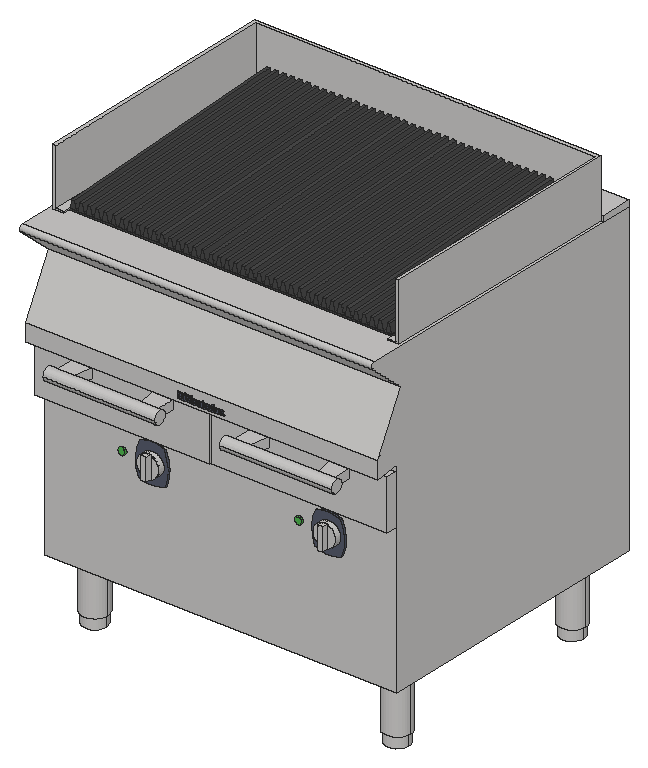
Revit family "QF_ELECTROLUXPROFESSIONAL_371242_E7GREHGCFU", category Specialty Equipment, Revit 2018
Family settings
  Round Connector Dimension = Use Diameter
  Part Type = Normal
  Work Plane-Based = No
  Always vertical = Yes
  Cut with Voids When Loaded = No
  Shared = No
  Room Calculation Point = No
Parameters
  Width = 800.1 mm  # constant formula
  Weight in Pounds = 165  # constant formula
  Watts = 12000 VA  # 12000 W
  Volts = 400 V  # constant formula
  URL Cutsheet = "www.electrolux.com/foodservice"
  URL = "www.electrolux.com/foodservice"
  Type Mark [instance] = ""
  Status [instance] = ""
  Specification by User [instance] = ""
  Specification by Manufacturer = ""
  Show Logo [instance] = yes
  Show Clearance [instance] = yes
  Serial Number = ""
  Seismic Rating = ""
  SMACNA No = ""
  Revision Code [instance] = ""
  Phase = 3  # constant formula
  Omniclass Number and Title = ""
  Number of Poles [instance] = 1
  NAFEM Spec ID Number = ""
  Model = "371065"
  Min Ckt Ampacity = 0 A
  Max Overcurrent Protection = 0 A
  Masterspec = ""
  Manufacturer = "ELECTROLUX"
  Item Number [instance] = ""
  Installed By [instance] = ""
  Identify Quantity as Lot [instance] = yes
  Height = 333.375 mm  # constant formula
  HP = "16.1 HP"
  Furnished By [instance] = ""
  Foodservice Equipment Identifier [instance] = yes
  FL Amps = if(Phase = 3, Watts / (Volts * 1.73), Watts / Volts)  # 17.341 A
  Electrical Remarks [instance] = "400 V/3N ph/50/60 Hz"  # constant formula
  Electric Connection Type [instance] = ""
  Elec Conn RI Height [instance] = 0 mm
  Elec Conn Connection Height [instance] = 0 mm
  Direct Waste Size = 0"
  Description = "700XP Full Module Freestanding Electric Char-Grill"
  Depth = 730.25 mm  # constant formula
  Cycle = if([60 Hertz Option], 60 Hz, 50 Hz)  # 60 Hz
  Conn Plug = ""
  Conn Conduit = yes
  CSI MasterFormat = ""
  CSI Master Format = ""
  Base Height [instance] = 150 mm  # constant formula
  Assembly Code = ""
  Apparent Power = if(Phase = 3, Volts * FL Amps * 1.73, Volts * FL Amps)  # 12000 VA
  60 Hertz Option = not([50 Hertz Option])  # yes
  50 Hertz Option = no
Reference planes
  plane 1 "BACK": y = 0
  plane 2: z = 0
  plane 3 "LEFT": x = 0
  plane 4 "RIGHT": x = 800.1
  plane 5 "FRONT": y = -730.25
  plane 6 "TOP": z = 982
  plane 7 "Center Y": x = 400.05
  plane 8 "Center X": y = -365.125
  plane 9 "BASE": z = 601
  plane 10 "TOP A": z = 851
  plane 11: y = -587.387
  plane 12: y = -90
  plane 13: z = 150
  plane 14: y = -754.062
Forms (mm)
  Extrusion 1, solid, material "QF_Finishes_Stainless Steel"
    sketch origin (0, 0, 0) x (0, 1, 0) y (0, 0, 1)
      loop
        line (0, 851) -> (-722.928, 851)
        arc (-722.928, 851) -> (-729.69, 846.314) -> (-727.679, 838.336) r 7.223
        line (-727.679, 838.336) -> (-646.919, 767.809) -> (-713.772, 646.19) -> (-713.772, 608.09) -> (-660.4, 613.7) -> (-660.4, 150) -> (0, 150) -> (0, 851)
    from 0 to 800.1
  Extrusion 2, solid, material "QF_Finishes_Clearance", visible <- "Show Clearance", detail levels coarse
    sketch origin (0, 0, 0) x (1, 0, 0) y (0, 1, 0)
      loop
        line (0, -730.25) -> (0, 0) -> (800.1, 0) -> (800.1, -730.25) -> (950.119, -730.25) -> (950.119, 150.019) -> (-150.019, 150.019) -> (-150.019, -730.25) -> (0, -730.25)
    from 0 to 982
  Revolve 3, solid, material "QF_Finishes_Stainless Steel"
    sketch origin (0, -587.387, 608.09) x (0, 0, 1) y (-1, 0, 0)
      loop
        line (-608.09, -56) -> (-458.09, -56) -> (-458.09, -26) -> (-583.09, -26) -> (-583.09, -29.75) -> (-608.09, -29.75) -> (-608.09, -56)
      axis (-608.09, -56) -> (-458.09, -56)
    angle from 0 to 360
  Revolve 4, solid, material "QF_Finishes_Stainless Steel"
    sketch origin (400.05, -587.387, 608.09) x (0, 0, 1) y (-1, 0, 0)
      loop
        line (-608.09, -344.05) -> (-608.09, -370.3) -> (-583.09, -370.3) -> (-583.09, -374.05) -> (-458.09, -374.05) -> (-458.09, -344.05) -> (-608.09, -344.05)
      axis (-608.09, -344.05) -> (-458.09, -344.05)
    angle from 0 to 360
  Revolve 5, solid, material "QF_Finishes_Stainless Steel"
    sketch origin (0, -90, 608.09) x (0, 0, 1) y (-1, 0, 0)
      loop
        line (-608.09, -56) -> (-458.09, -56) -> (-458.09, -26) -> (-583.09, -26) -> (-583.09, -29.75) -> (-608.09, -29.75) -> (-608.09, -56)
      axis (-608.09, -56) -> (-458.09, -56)
    angle from 0 to 360
  Revolve 6, solid, material "QF_Finishes_Stainless Steel"
    sketch origin (400.05, -90, 608.09) x (0, 0, 1) y (-1, 0, 0)
      loop
        line (-608.09, -344.05) -> (-608.09, -370.3) -> (-583.09, -370.3) -> (-583.09, -374.05) -> (-458.09, -374.05) -> (-458.09, -344.05) -> (-608.09, -344.05)
      axis (-608.09, -344.05) -> (-458.09, -344.05)
    angle from 0 to 360
  Extrusion 7, solid, material "QF_Finishes_Stainless Steel"
    sketch origin (-77.88, -4572, 150) x (-1, 0, 0) y (0, -1, 0)
      loop
        circle (-835.117, -4105.275) r 12.7
    from 3.2 to 0
  Extrusion 8, solid, material "QF_Finishes_Navy Blue"
    sketch origin (287.375, -660.4, 355.674) x (0, 0, 1) y (-1, 0, 0)
      loop
        arc (105.947, -332.692) -> (68.865, -323.711) -> (31.333, -330.573) r 91.844
        arc (31.333, -330.573) -> (24.206, -361.215) -> (31.333, -391.858) r 69.441
        arc (31.333, -391.858) -> (68.854, -398.569) -> (105.947, -389.79) r 93.759
        arc (105.947, -389.79) -> (112.176, -361.241) -> (105.947, -332.692) r 68.543
    from 0 to 3.175
  Extrusion 9, solid, material "QF_Finishes_Stainless Steel"
    sketch origin (488.625, -663.575, 355.674) x (0, 0, 1) y (-1, 0, 0)
      loop
        circle (68.826, -160.963) r 25.4
    from 0 to 12.7
  Extrusion 10, solid, material "QF_Finishes_Stainless Steel"
    sketch origin (488.625, -676.275, 355.674) x (0, 0, 1) y (-1, 0, 0)
      loop
        arc (93.558, -166.749) -> (94.226, -160.963) -> (93.558, -155.177) r 25.4
        line (93.558, -155.177) -> (44.094, -155.177)
        arc (44.094, -155.177) -> (43.426, -160.963) -> (44.094, -166.749) r 25.4
        line (44.094, -166.749) -> (93.558, -166.749)
    from 0 to 12.7
  Extrusion 11, solid, material "QF_Finishes_Stainless Steel"
    sketch origin (-77.88, -4572, 150) x (-1, 0, 0) y (0, -1, 0)
      loop
        circle (-812.98, -4071) r 6.35
    from 50 to 48.4
  Extrusion 12, solid, material "QF_Finishes_Stainless Steel"
    sketch origin (199.231, 0, -2.5) x (0, 1, 0) y (0, 0, 1)
      loop
        circle (-740.063, 582.209) r 14
    from -127 to 127
  Extrusion 13, solid, material "QF_Finishes_Stainless Steel"
    sketch origin (-23.75, 0, 567.009) x (-1, 0, 0) y (0, -1, 0)
      loop
        line (-109.731, 741.563) -> (-143.724, 741.563) -> (-153.724, 687.387) -> (-109.731, 687.387) -> (-109.731, 741.563)
      loop
        line (-336.231, 741.563) -> (-336.231, 687.387) -> (-292.238, 687.387) -> (-302.238, 741.563) -> (-336.231, 741.563)
      loop
        line (-737.869, 741.563) -> (-737.869, 687.387) -> (-693.876, 687.387) -> (-703.876, 741.563) -> (-737.869, 741.563)
      loop
        line (-511.369, 741.563) -> (-545.362, 741.563) -> (-555.362, 687.387) -> (-511.369, 687.387) -> (-511.369, 741.563)
    from 0 to 21.491
  Extrusion 14, solid, material "QF_Finishes_Green"
    sketch origin (212.375, -660.4, 355.674) x (0, 0, 1) y (-1, 0, 0)
      loop
        circle (69.533, -367.513) r 8
    from 0 to 3.175
  Sweep 15, solid, material "QF_Finishes_Stainless Steel"
    path origin (0, 0, 851) x (0, -1, 0) y (1, 0, 0)
      loop
        line (644.885, 787.4) -> (76.2, 787.4) -> (76.2, 12.7) -> (644.885, 12.7)
    profile origin (12.7, -360.542, 851) x (1, 0, 0) y (0, 0, 1)
      loop
        line (-6.35, 0) -> (19.05, 0) -> (19.05, 3.2) -> (0, 3.2) -> (0, 131) -> (-6.35, 131) -> (-6.35, 0)
  Extrusion 16, solid, material "QF_Finishes_Black"
    sketch origin (400.05, 0, 0) x (0, 1, 0) y (0, 0, 1)
      loop
        line (-629.41, 851) -> (-76.2, 851) -> (-76.2, 883.24) -> (-629.41, 854.99) -> (-629.41, 851)
    from -368.3 to 368.3
  Extrusion 17, solid, material "QF_Finishes_Stainless Steel"
    sketch origin (0, 0, 851) x (0, -1, 0) y (1, 0, 0)
      loop
        line (69.85, 0) -> (69.85, 800.1) -> (0, 800.1) -> (0, 0) -> (69.85, 0)
    from 0 to 12.5
  Extrusion 18, solid, material "QF_Finishes_Drawer Clearance", visible <- "Show Clearance", detail levels coarse
    sketch origin (0, -687.387, 601) x (0, 0, 1) y (-1, 0, 0)
      loop
        line (-113.268, -800.1) -> (0, -800.1) -> (0, 0) -> (-113.268, 0) -> (-113.268, -800.1)
    from 0 to 676.275
  Extrusion 19, solid, material "QF_Finishes_Navy Blue", visible <- "Show Logo"
    sketch origin (59.194, -713.772, 608.09) x (0, 0, 1) y (-1, 0, 0)
      loop
        line (20.674, -296.698) -> (8.307, -296.698)
        arc (8.307, -296.698) -> (14.491, -301.27) -> (20.674, -296.698) r 6.467
      loop
        arc (20.674, -296.069) -> (19.505, -290.926) -> (14.849, -288.448) r 6.338
        line (14.849, -288.448) -> (14.849, -290.494)
        arc (14.849, -290.494) -> (16.333, -294.149) -> (19.778, -296.069) r 5.941
        line (19.778, -296.069) -> (20.674, -296.069)
      loop
        arc (9.203, -296.069) -> (12.648, -294.149) -> (14.132, -290.494) r 5.941
        line (14.132, -290.494) -> (14.132, -288.448)
        arc (14.132, -288.448) -> (9.438, -290.922) -> (8.148, -296.069) r 6.504
        line (8.148, -296.069) -> (9.203, -296.069)
      loop
        line (21.349, -287.979) -> (7.604, -287.979) -> (7.604, -301.742) -> (21.349, -301.742) -> (21.349, -287.979)
      loop
        arc (21.432, -304.71) -> (21.085, -304.352) -> (20.718, -304.69) r 0.358
        arc (20.718, -304.69) -> (20.404, -305.44) -> (19.687, -305.825) r 1.216
        line (19.687, -305.825) -> (9.274, -305.825)
        arc (9.274, -305.825) -> (8.614, -305.548) -> (8.218, -304.951) r 1.238
        arc (8.218, -304.951) -> (7.823, -304.7) -> (7.518, -305.054) r 0.358
        line (7.518, -305.054) -> (7.518, -314.933) -> (10.269, -314.933) -> (10.269, -314.036)
        arc (10.269, -314.036) -> (9.36, -313.456) -> (8.904, -312.479) r 1.928
        line (8.904, -312.479) -> (8.904, -309.98)
        arc (8.904, -309.98) -> (9.18, -309.251) -> (9.868, -308.887) r 1.101
        line (9.868, -308.887) -> (13.955, -308.887) -> (13.955, -312.561)
        arc (13.955, -312.561) -> (13.602, -313.058) -> (13.037, -313.286) r 1.083
        arc (13.037, -313.286) -> (12.773, -313.591) -> (13.065, -313.869) r 0.292
        line (13.065, -313.869) -> (16.028, -313.869)
        arc (16.028, -313.869) -> (16.33, -313.596) -> (16.092, -313.266) r 0.305
        arc (16.092, -313.266) -> (15.601, -313.018) -> (15.296, -312.561) r 1.083
        line (15.296, -312.561) -> (15.296, -308.887) -> (19.973, -308.887) -> (19.973, -312.635)
        arc (19.973, -312.635) -> (19.759, -313.39) -> (19.153, -313.888) r 1.314
        arc (19.153, -313.888) -> (18.934, -314.292) -> (19.288, -314.585) r 0.361
        line (19.288, -314.585) -> (21.432, -314.585) -> (21.432, -304.71)
      loop
        arc (20.715, -315.365) -> (20.335, -316.284) -> (19.416, -316.664) r 1.299
        line (19.416, -316.664) -> (9.837, -316.664)
        arc (9.837, -316.664) -> (8.999, -316.286) -> (8.728, -315.408) r 1.118
        line (8.728, -315.408) -> (7.518, -315.408) -> (7.518, -320.758) -> (8.706, -320.758)
        arc (8.706, -320.758) -> (8.978, -319.841) -> (9.848, -319.445) r 1.153
        line (9.848, -319.445) -> (21.92, -319.445) -> (20.715, -315.365)
      loop
        line (12.483, -323.394) -> (12.483, -329.842) -> (13.282, -329.842)
        arc (13.282, -329.842) -> (15.862, -328.857) -> (17.131, -326.404) r 3.874
        line (17.131, -326.404) -> (17.131, -324.643)
        arc (17.131, -324.643) -> (15.944, -321.778) -> (13.08, -320.592) r 4.051
        line (13.08, -320.592) -> (11.072, -320.592)
        arc (11.072, -320.592) -> (8.253, -322.077) -> (7.202, -325.084) r 4.352
        arc (7.202, -325.084) -> (7.566, -327.547) -> (8.943, -329.621) r 5.713
        line (8.943, -329.621) -> (9.892, -329.621)
        arc (9.892, -329.621) -> (9.16, -328.052) -> (8.943, -326.334) r 5.579
        arc (8.943, -326.334) -> (9.737, -324.371) -> (11.616, -323.394) r 3.057
        line (11.616, -323.394) -> (12.483, -323.394)
      loop
        line (13.742, -323.394) -> (13.742, -326.977)
        arc (13.742, -326.977) -> (15.199, -327.024) -> (16.082, -325.864) r 1.59
        line (16.082, -325.864) -> (16.082, -325.034)
        arc (16.082, -325.034) -> (15.217, -323.779) -> (13.742, -323.394) r 2.184
      loop
        arc (16.533, -339.259) -> (17.022, -337.585) -> (17.179, -335.848) r 9.023
        line (17.179, -335.848) -> (17.179, -334.486)
        arc (17.179, -334.486) -> (16.02, -331.686) -> (13.22, -330.527) r 3.959
        line (13.22, -330.527) -> (10.62, -330.527)
        arc (10.62, -330.527) -> (8.338, -331.819) -> (7.221, -334.192) r 4.331
        line (7.221, -334.192) -> (7.221, -336.327)
        arc (7.221, -336.327) -> (7.729, -337.877) -> (8.651, -339.223) r 5.772
        arc (8.651, -339.223) -> (9.412, -339.274) -> (9.499, -338.515) r 0.553
        arc (9.499, -338.515) -> (9.111, -337.781) -> (8.977, -336.962) r 2.573
        line (8.977, -336.962) -> (8.977, -335.447)
        arc (8.977, -335.447) -> (9.983, -333.806) -> (11.798, -333.163) r 2.884
        line (11.798, -333.163) -> (13.077, -333.163)
        arc (13.077, -333.163) -> (14.898, -333.723) -> (15.824, -335.388) r 2.554
        line (15.824, -335.388) -> (15.824, -336.441)
        arc (15.824, -336.441) -> (15.493, -337.369) -> (14.836, -338.104) r 2.564
        arc (14.836, -338.104) -> (14.614, -338.821) -> (15.223, -339.259) r 0.643
        line (15.223, -339.259) -> (16.533, -339.259)
      loop
        line (15.515, -339.53) -> (15.515, -341.031) -> (9.467, -341.031)
        arc (9.467, -341.031) -> (7.879, -341.688) -> (7.221, -343.276) r 2.246
        line (7.221, -343.276) -> (7.221, -344.86)
        arc (7.221, -344.86) -> (7.535, -345.725) -> (8.035, -346.496) r 4.06
        arc (8.035, -346.496) -> (8.768, -346.629) -> (9.019, -345.928) r 0.576
        arc (9.019, -345.928) -> (8.913, -345.403) -> (8.977, -344.87) r 1.69
        arc (8.977, -344.87) -> (9.519, -344.082) -> (10.425, -343.779) r 1.506
        line (10.425, -343.779) -> (15.563, -343.779) -> (15.563, -346.176) -> (16.119, -346.733) -> (16.941, -346.733) -> (16.941, -343.873) -> (20.172, -343.873) -> (15.515, -339.53)
      loop
        line (7.438, -347.63) -> (7.438, -353.017) -> (8.548, -353.017)
        arc (8.548, -353.017) -> (8.942, -352.066) -> (9.893, -351.672) r 1.345
        line (9.893, -351.672) -> (13.509, -351.672)
        arc (13.509, -351.672) -> (14.274, -352.264) -> (14.564, -353.186) r 1.615
        line (14.564, -353.186) -> (14.564, -354.742) -> (17.119, -355.427) -> (17.119, -354.044) -> (15.177, -351.485) -> (17.057, -351.485) -> (16.773, -348.779)
        arc (16.773, -348.779) -> (16.333, -348.249) -> (15.674, -348.45) r 0.621
        arc (15.674, -348.45) -> (15.274, -348.792) -> (14.78, -348.975) r 1.501
        line (14.78, -348.975) -> (9.893, -348.975)
        arc (9.893, -348.975) -> (8.942, -348.581) -> (8.548, -347.63) r 1.345
        line (8.548, -347.63) -> (7.438, -347.63)
      loop
        line (13.54, -354.964) -> (10.848, -354.964)
        arc (10.848, -354.964) -> (8.403, -356.272) -> (7.269, -358.803) r 4.288
        arc (7.269, -358.803) -> (7.205, -360.183) -> (7.269, -361.563) r 15.022
        arc (7.269, -361.563) -> (8.403, -364.094) -> (10.848, -365.401) r 4.288
        line (10.848, -365.401) -> (13.54, -365.401)
        arc (13.54, -365.401) -> (15.986, -364.094) -> (17.119, -361.563) r 4.288
        arc (17.119, -361.563) -> (17.183, -360.183) -> (17.119, -358.803) r 15.022
        arc (17.119, -358.803) -> (15.986, -356.272) -> (13.54, -354.964) r 4.288
      loop
        line (13.745, -358.078) -> (10.643, -358.078)
        arc (10.643, -358.078) -> (8.486, -360.235) -> (10.643, -362.392) r 2.157
        line (10.643, -362.392) -> (13.745, -362.392)
        arc (13.745, -362.392) -> (15.902, -360.235) -> (13.745, -358.078) r 2.157
      loop
        arc (20.726, -365.26) -> (20.355, -366.154) -> (19.461, -366.524) r 1.264
        line (19.461, -366.524) -> (9.597, -366.524)
        arc (9.597, -366.524) -> (8.727, -366.127) -> (8.455, -365.211) r 1.153
        line (8.455, -365.211) -> (7.518, -365.211) -> (7.518, -370.319) -> (8.446, -370.319)
        arc (8.446, -370.319) -> (8.805, -369.547) -> (9.597, -369.232) r 1.153
        line (9.597, -369.232) -> (21.92, -369.232) -> (20.726, -365.26)
      loop
        arc (15.846, -369.857) -> (15.647, -370.921) -> (14.678, -371.403) r 1.215
        line (14.678, -371.403) -> (9.658, -371.403)
        arc (9.658, -371.403) -> (8.043, -372.051) -> (7.322, -373.634) r 2.338
        line (7.322, -373.634) -> (7.322, -375.148)
        arc (7.322, -375.148) -> (7.497, -376.152) -> (7.999, -377.038) r 2.979
        line (7.999, -377.038) -> (7.518, -378.835) -> (7.518, -380.524) -> (16.943, -380.524) -> (16.649, -376.32) -> (15.863, -376.32)
        arc (15.863, -376.32) -> (15.507, -377.156) -> (14.755, -377.665) r 1.605
        line (14.755, -377.665) -> (9.652, -377.665)
        arc (9.652, -377.665) -> (9.232, -376.728) -> (9.159, -375.704) r 2.94
        arc (9.159, -375.704) -> (9.72, -374.603) -> (10.873, -374.16) r 1.724
        line (10.873, -374.16) -> (17.07, -374.16) -> (15.846, -369.857)
      loop
        line (16.874, -381.377) -> (15.202, -383.423) -> (12.028, -385.729) -> (8.572, -382.617)
        arc (8.572, -382.617) -> (8.335, -382.223) -> (8.357, -381.764) r 0.789
        line (8.357, -381.764) -> (7.518, -381.764) -> (7.518, -385.309) -> (8.344, -385.309)
        arc (8.344, -385.309) -> (8.686, -384.947) -> (9.176, -385.039) r 0.52
        line (9.176, -385.039) -> (10.976, -386.51) -> (8.858, -387.886)
        arc (8.858, -387.886) -> (8.457, -387.576) -> (8.37, -387.076) r 0.7
        line (8.37, -387.076) -> (7.518, -387.076) -> (7.518, -393.003) -> (8.405, -393.003)
        arc (8.405, -393.003) -> (8.472, -392.344) -> (8.866, -391.813) r 1.247
        line (8.866, -391.813) -> (13.066, -388.532) -> (15.513, -390.585) -> (16.874, -392.327) -> (16.874, -388.604) -> (15.389, -389.026) -> (13.868, -387.749) -> (15.568, -386.559) -> (16.874, -387.336) -> (16.874, -381.377)
    from 0 to 1.644
  Extrusion 20, solid, material "QF_Finishes_Stainless Steel"
    sketch origin (0, -660.4, 601) x (0, 0, 1) y (-1, 0, 0)
      loop
        line (0, -398.462) -> (0, 0) -> (-113.268, 0) -> (-113.268, -398.462) -> (0, -398.462)
      loop
        line (0, -401.638) -> (-113.268, -401.638) -> (-113.268, -800.1) -> (0, -800.1) -> (0, -401.638)
    from 1.588 to 26.988
  Extrusion 21, solid, material "QF_Finishes_Stainless Steel"
    sketch origin (600.869, 0, -2.5) x (0, 1, 0) y (0, 0, -1)
      loop
        circle (-740.063, -582.209) r 14
    from -127 to 127
  Extrusion 22, solid, material "QF_Finishes_Navy Blue"
    sketch origin (-114.262, -660.4, 355.674) x (0, 0, 1) y (-1, 0, 0)
      loop
        arc (105.947, -332.692) -> (68.865, -323.711) -> (31.333, -330.573) r 91.844
        arc (31.333, -330.573) -> (24.206, -361.215) -> (31.333, -391.858) r 69.441
        arc (31.333, -391.858) -> (68.854, -398.569) -> (105.947, -389.79) r 93.759
        arc (105.947, -389.79) -> (112.176, -361.241) -> (105.947, -332.692) r 68.543
    from 0 to 3.175
  Extrusion 23, solid, material "QF_Finishes_Stainless Steel"
    sketch origin (86.988, -663.575, 355.674) x (0, 0, 1) y (-1, 0, 0)
      loop
        circle (68.826, -160.963) r 25.4
    from 0 to 12.7
  Extrusion 24, solid, material "QF_Finishes_Stainless Steel"
    sketch origin (86.988, -676.275, 355.674) x (0, 0, 1) y (-1, 0, 0)
      loop
        arc (93.558, -166.749) -> (94.226, -160.963) -> (93.558, -155.177) r 25.4
        line (93.558, -155.177) -> (44.094, -155.177)
        arc (44.094, -155.177) -> (43.426, -160.963) -> (44.094, -166.749) r 25.4
        line (44.094, -166.749) -> (93.558, -166.749)
    from 0 to 12.7
  Extrusion 25, solid, material "QF_Finishes_Green"
    sketch origin (-189.262, -660.4, 355.674) x (0, 0, 1) y (-1, 0, 0)
      loop
        circle (69.533, -367.513) r 8
    from 0 to 3.175
Cuts and joins
  joined: Extrusion 12, Extrusion 13, Extrusion 21
Lines and regions (mm)
  symbolic lines, style "QF-Clearances", visible <- "Show Clearance", detail levels coarse
    curve 1: line (-150.019, 150.019, 851) -> (-150.019, -731.627, 851)
    curve 2: line (950.119, 150.019, 851) -> (-150.019, 150.019, 851)
    curve 3: line (950.119, -731.627, 851) -> (950.119, 150.019, 851)
  symbolic lines
    curve 4: line (0, 0, 851) -> (800.1, 0, 851)
    curve 5: line (0, -730.25, 851) -> (0, 0, 851)
    curve 6: line (800.1, 0, 851) -> (800.1, -730.25, 851)
    curve 7: line (0, -69.85, 851) -> (0, -63.012, 851)
    curve 8: line (800.1, -730.25, 851) -> (0, -730.25, 851)
    curve 9: line (0, -69.85, 851) -> (800.1, -69.85, 851)
    curve 20: line (31.75, -644.885, 851) -> (31.75, -76.2, 851)
    curve 21: line (768.35, -76.2, 851) -> (768.35, -644.885, 851)
    curve 22: line (72.231, -754.063, 851) -> (326.231, -754.063, 851)
    curve 23: line (72.231, -730.25, 851) -> (72.231, -754.063, 851)
    curve 24: line (326.231, -754.063, 851) -> (326.231, -730.25, 851)
    curve 25: line (31.75, -629.41, 851) -> (768.35, -629.41, 851)
    curve 26: line (727.869, -754.063, 851) -> (473.869, -754.063, 851)
    curve 27: line (727.869, -730.25, 851) -> (727.869, -754.063, 851)
    curve 28: line (473.869, -754.063, 851) -> (473.869, -730.25, 851)
  symbolic lines, style "QF_Drawer Clearance"
    curve 10: line (0, -730.25, 851) -> (0, -1363.662, 851)
    curve 11: line (0, -1363.662, 851) -> (800.1, -1363.662, 851)
    curve 12: line (800.1, -1363.662, 851) -> (800.1, -730.25, 851)
  symbolic lines, style "SpecialityEquipment"
    curve 13: line (6.35, -69.85, 851) -> (6.35, -644.885, 851)
    curve 14: line (6.35, -644.885, 851) -> (31.75, -644.885, 851)
    curve 15: line (12.7, -644.885, 851) -> (12.7, -76.2, 851)
    curve 16: line (12.7, -76.2, 851) -> (787.4, -76.2, 851)
    curve 17: line (787.4, -76.2, 851) -> (787.4, -644.885, 851)
    curve 18: line (768.35, -644.885, 851) -> (793.75, -644.885, 851)
    curve 19: line (793.75, -644.885, 851) -> (793.75, -69.85, 851)
Dimensions and locks
  equal spacing: plane 3 "LEFT", plane 7 "Center Y", plane 4 "RIGHT"
  "Width": plane 3 "LEFT" to plane 4 "RIGHT"
  equal spacing: plane 5 "FRONT", plane 8 "Center X", plane 1 "BACK"
  "Depth": plane 5 "FRONT" to plane 1 "BACK"
  plane 1 "BACK" to plane 5 "FRONT" = 730.25 mm
  locked: plane 10 "TOP A" to plane 9 "BASE" at 250
  "Base Height": plane 13 to level
  Extrusion 7 sketch curve to plane 1 "BACK" = 466.725 mm
  Extrusion 7 sketch curve to plane 4 "RIGHT" = 42.862 mm
  plane 6 "TOP" to level = 982 mm
  plane 1 "BACK" to plane 14 = 754.063 mm
  equal spacing: group 1, group 3, group 4, group 5, group 6, group 7, group 8, group 9, group 10, group 11, group 12, group 13, group 14, group 15, group 16, group 17, group 18, group 19, group 20, group 21, group 22, group 23, group 24, group 25, group 26, group 27, group 28, group 29, group 30, group 31, group 32, group 33, group 34, group 35, group 36, group 37, group 38, group 39, group 40, group 2  (x3)
  aligned and locked: level to plane 2
  aligned and locked: plane 4 "RIGHT" to Extrusion 1
  aligned and locked: plane 6 "TOP" to Extrusion 2
Automatic sketch dimensions
  Revolve 3 sketch curve to level = 0 mm
  Revolve 3 sketch curve to plane 13 = 0 mm  (x2)
  level to Revolve 3 sketch curve = 25 mm
  Revolve 3 sketch curve to Revolve 3 sketch curve = 20 mm
  plane 3 "LEFT" to Revolve 3 sketch curve = 56 mm
  Revolve 3 sketch curve to Revolve 3 sketch curve = 0 mm
  plane 3 "LEFT" to Revolve 3 sketch curve = 29.75 mm
  plane 3 "LEFT" to Revolve 3 sketch curve = 26 mm
  Revolve 5 sketch curve to level = 0 mm
  Revolve 5 sketch curve to plane 13 = 0 mm  (x2)
  level to Revolve 5 sketch curve = 25 mm
  Revolve 5 sketch curve to Revolve 5 sketch curve = 20 mm
  plane 3 "LEFT" to Revolve 5 sketch curve = 56 mm
  Revolve 5 sketch curve to Revolve 5 sketch curve = 0 mm
  plane 3 "LEFT" to Revolve 5 sketch curve = 29.75 mm
  plane 3 "LEFT" to Revolve 5 sketch curve = 26 mm
  Extrusion 10 sketch curve to Extrusion 10 sketch curve = 24.732 mm
  Extrusion 10 sketch curve to Extrusion 10 sketch curve = 0 mm
  plane 5 "FRONT" to Extrusion 12 sketch curve = 9.813 mm
  Extrusion 12 sketch curve to plane 9 "BASE" = 21.291 mm
  Extrusion 14 sketch curve to plane 9 "BASE" = 175.792 mm
  plane 7 "Center Y" to Extrusion 14 sketch curve = 179.839 mm
  Extrusion 16 sketch curve to plane 10 "TOP A" = 0 mm
  plane 11 to Extrusion 16 sketch curve = 42.023 mm
  Extrusion 16 sketch curve to plane 12 = 13.8 mm
  Extrusion 16 sketch curve to Extrusion 16 sketch curve = 3.99 mm
  Extrusion 16 sketch curve to Extrusion 16 sketch curve = 32.24 mm
  plane 9 "BASE" to Extrusion 19 sketch curve = 9.251 mm
  plane 9 "BASE" to Extrusion 19 sketch curve = 14.292 mm
  plane 7 "Center Y" to Extrusion 19 sketch curve = 4.003 mm
  plane 9 "BASE" to Extrusion 19 sketch curve = 14.311 mm
  Extrusion 19 sketch curve to Extrusion 19 sketch curve = 0 mm  (x28)
  Extrusion 19 sketch curve to Extrusion 19 sketch curve = 5.108 mm  (x2)
  Extrusion 19 sketch curve to Extrusion 19 sketch curve = 0.054 mm
  Extrusion 19 sketch curve to Extrusion 19 sketch curve = 0.218 mm
  Extrusion 19 sketch curve to Extrusion 19 sketch curve = 0.195 mm
  Extrusion 19 sketch curve to Extrusion 19 sketch curve = 0.249 mm
  plane 9 "BASE" to Extrusion 19 sketch curve = 14.608 mm
  Extrusion 19 sketch curve to Extrusion 19 sketch curve = 0.087 mm
  Extrusion 19 sketch curve to Extrusion 19 sketch curve = 0.358 mm
  Extrusion 19 sketch curve to Extrusion 19 sketch curve = 0.481 mm
  Extrusion 19 sketch curve to Extrusion 19 sketch curve = 0.597 mm
  Extrusion 19 sketch curve to Extrusion 19 sketch curve = 0.544 mm
  Extrusion 19 sketch curve to Extrusion 19 sketch curve = 0.936 mm
  Extrusion 19 sketch curve to Extrusion 19 sketch curve = 0.594 mm
  Extrusion 19 sketch curve to Extrusion 19 sketch curve = 0.343 mm
  Extrusion 19 sketch curve to Extrusion 19 sketch curve = 0.159 mm
  Extrusion 19 sketch curve to Extrusion 19 sketch curve = 0.826 mm
  Extrusion 19 sketch curve to Extrusion 19 sketch curve = 0.839 mm
  Extrusion 19 sketch curve to Extrusion 19 sketch curve = 0.852 mm
  Extrusion 19 sketch curve to Extrusion 19 sketch curve = 0.887 mm
  Extrusion 19 sketch curve to Extrusion 19 sketch curve = 0.928 mm
  Extrusion 19 sketch curve to Extrusion 19 sketch curve = 0.938 mm
  Extrusion 19 sketch curve to Extrusion 19 sketch curve = 0.444 mm
  Extrusion 19 sketch curve to Extrusion 19 sketch curve = 1.11 mm  (x3)
  Extrusion 19 sketch curve to Extrusion 19 sketch curve = 0.215 mm
  Extrusion 19 sketch curve to plane 7 "Center Y" = 1.633 mm
  Extrusion 19 sketch curve to Extrusion 19 sketch curve = 1.43 mm
  Extrusion 19 sketch curve to Extrusion 19 sketch curve = 1.188 mm
  Extrusion 19 sketch curve to Extrusion 19 sketch curve = 1.21 mm  (x2)
  Extrusion 19 sketch curve to Extrusion 19 sketch curve = 0.503 mm
  Extrusion 19 sketch curve to Extrusion 19 sketch curve = 0.488 mm
  Extrusion 19 sketch curve to Extrusion 19 sketch curve = 0.462 mm
  Extrusion 19 sketch curve to Extrusion 19 sketch curve = 1.386 mm
  Extrusion 19 sketch curve to Extrusion 19 sketch curve = 1.742 mm  (x2)
  Extrusion 19 sketch curve to Extrusion 19 sketch curve = 0.821 mm
  Extrusion 19 sketch curve to Extrusion 19 sketch curve = 0.497 mm
  Extrusion 19 sketch curve to Extrusion 19 sketch curve = 0.539 mm
  Extrusion 19 sketch curve to Extrusion 19 sketch curve = 0.686 mm
  Extrusion 19 sketch curve to Extrusion 19 sketch curve = 0.408 mm
  Extrusion 19 sketch curve to Extrusion 19 sketch curve = 0.743 mm
  Extrusion 19 sketch curve to Extrusion 19 sketch curve = 1.16 mm
  Extrusion 19 sketch curve to Extrusion 19 sketch curve = 0.329 mm
  Extrusion 19 sketch curve to Extrusion 19 sketch curve = 1.054 mm
  Extrusion 19 sketch curve to Extrusion 19 sketch curve = 1.056 mm
  Extrusion 19 sketch curve to Extrusion 19 sketch curve = 0.129 mm
  Extrusion 19 sketch curve to Extrusion 19 sketch curve = 0.489 mm
  Extrusion 19 sketch curve to Extrusion 19 sketch curve = 0.441 mm
  Extrusion 19 sketch curve to Extrusion 19 sketch curve = 1.151 mm
  Extrusion 19 sketch curve to Extrusion 19 sketch curve = 1.141 mm  (x2)
  Extrusion 19 sketch curve to Extrusion 19 sketch curve = 0.768 mm
  Extrusion 19 sketch curve to Extrusion 19 sketch curve = 1.653 mm
  Extrusion 19 sketch curve to Extrusion 19 sketch curve = 0.499 mm
  Extrusion 19 sketch curve to Extrusion 19 sketch curve = 0.964 mm
  Extrusion 19 sketch curve to Extrusion 19 sketch curve = 0.949 mm
  Extrusion 19 sketch curve to Extrusion 19 sketch curve = 1.345 mm  (x2)
  Extrusion 19 sketch curve to Extrusion 19 sketch curve = 0.137 mm  (x2)
  Extrusion 19 sketch curve to Extrusion 19 sketch curve = 0.432 mm
  Extrusion 19 sketch curve to Extrusion 19 sketch curve = 1.142 mm
  Extrusion 19 sketch curve to Extrusion 19 sketch curve = 0.959 mm
  Extrusion 19 sketch curve to Extrusion 19 sketch curve = 0.176 mm
  Extrusion 19 sketch curve to Extrusion 19 sketch curve = 0.728 mm
  Extrusion 19 sketch curve to Extrusion 19 sketch curve = 3.375 mm  (x2)
  Extrusion 19 sketch curve to Extrusion 19 sketch curve = 1.905 mm
  Extrusion 19 sketch curve to Extrusion 19 sketch curve = 0.955 mm
  Extrusion 19 sketch curve to Extrusion 19 sketch curve = 1.251 mm
  Extrusion 19 sketch curve to Extrusion 19 sketch curve = 0.572 mm
  Extrusion 19 sketch curve to Extrusion 19 sketch curve = 1.92 mm
  Extrusion 19 sketch curve to Extrusion 19 sketch curve = 1.224 mm
  Extrusion 19 sketch curve to Extrusion 19 sketch curve = 0.745 mm
  Extrusion 19 sketch curve to Extrusion 19 sketch curve = 2.537 mm
  Extrusion 19 sketch curve to Extrusion 19 sketch curve = 0.896 mm  (x3)
  Extrusion 19 sketch curve to Extrusion 19 sketch curve = 0.036 mm
  Extrusion 19 sketch curve to Extrusion 19 sketch curve = 2.607 mm
  Extrusion 19 sketch curve to Extrusion 19 sketch curve = 0.066 mm
  Extrusion 19 sketch curve to Extrusion 19 sketch curve = 0.248 mm
  Extrusion 19 sketch curve to Extrusion 19 sketch curve = 0.449 mm
  Extrusion 19 sketch curve to Extrusion 19 sketch curve = 1.052 mm
  Extrusion 19 sketch curve to Extrusion 19 sketch curve = 1.863 mm
  Extrusion 19 sketch curve to Extrusion 19 sketch curve = 1.31 mm  (x2)
  Extrusion 19 sketch curve to Extrusion 19 sketch curve = 0.901 mm
  Extrusion 19 sketch curve to Extrusion 19 sketch curve = 1.107 mm
  Extrusion 19 sketch curve to Extrusion 19 sketch curve = 2.122 mm
  Extrusion 19 sketch curve to Extrusion 19 sketch curve = 2.101 mm
  Extrusion 19 sketch curve to Extrusion 19 sketch curve = 0.106 mm
  Extrusion 19 sketch curve to Extrusion 19 sketch curve = 0.029 mm
  Extrusion 19 sketch curve to Extrusion 19 sketch curve = 2.09 mm
  Extrusion 19 sketch curve to Extrusion 19 sketch curve = 1.279 mm
  Extrusion 19 sketch curve to Extrusion 19 sketch curve = 2.008 mm
  Extrusion 19 sketch curve to Extrusion 19 sketch curve = 0.738 mm
  Extrusion 19 sketch curve to Extrusion 19 sketch curve = 0.382 mm
  Extrusion 19 sketch curve to Extrusion 19 sketch curve = 0.384 mm
  Extrusion 19 sketch curve to Extrusion 19 sketch curve = 0.002 mm
  Extrusion 19 sketch curve to Extrusion 19 sketch curve = 0.561 mm
  Extrusion 19 sketch curve to Extrusion 19 sketch curve = 0.592 mm
  Extrusion 19 sketch curve to Extrusion 19 sketch curve = 2.692 mm
  Extrusion 19 sketch curve to Extrusion 19 sketch curve = 1.259 mm
  Extrusion 19 sketch curve to Extrusion 19 sketch curve = 0.802 mm
  Extrusion 19 sketch curve to Extrusion 19 sketch curve = 1.024 mm  (x2)
  Extrusion 19 sketch curve to Extrusion 19 sketch curve = 0.682 mm
  Extrusion 19 sketch curve to Extrusion 19 sketch curve = 5.934 mm
  Extrusion 19 sketch curve to Extrusion 19 sketch curve = 2.186 mm
  Extrusion 19 sketch curve to Extrusion 19 sketch curve = 0.337 mm
  Extrusion 19 sketch curve to Extrusion 19 sketch curve = 0.021 mm
  Extrusion 19 sketch curve to Extrusion 19 sketch curve = 1.005 mm
  Extrusion 19 sketch curve to Extrusion 19 sketch curve = 0.552 mm
  Extrusion 19 sketch curve to Extrusion 19 sketch curve = 0.778 mm
  Extrusion 19 sketch curve to Extrusion 19 sketch curve = 0.063 mm
  Extrusion 19 sketch curve to Extrusion 19 sketch curve = 1.023 mm
  Extrusion 19 sketch curve to Extrusion 19 sketch curve = 3.804 mm
  Extrusion 19 sketch curve to Extrusion 19 sketch curve = 0.486 mm
  Extrusion 19 sketch curve to Extrusion 19 sketch curve = 0.266 mm  (x2)
  Extrusion 19 sketch curve to Extrusion 19 sketch curve = 1.547 mm
  Extrusion 19 sketch curve to Extrusion 19 sketch curve = 0.717 mm  (x2)
  Extrusion 19 sketch curve to Extrusion 19 sketch curve = 1.667 mm
  Extrusion 19 sketch curve to Extrusion 19 sketch curve = 3.174 mm
  Extrusion 19 sketch curve to Extrusion 19 sketch curve = 0.388 mm
  Extrusion 19 sketch curve to Extrusion 19 sketch curve = 1.342 mm
  Extrusion 19 sketch curve to Extrusion 19 sketch curve = 1.521 mm
  Extrusion 19 sketch curve to Extrusion 19 sketch curve = 0.124 mm
  Extrusion 19 sketch curve to Extrusion 19 sketch curve = 0.291 mm
  plane 7 "Center Y" to Extrusion 19 sketch curve = 5.32 mm
  Extrusion 19 sketch curve to Extrusion 19 sketch curve = 1.049 mm  (x2)
  Extrusion 19 sketch curve to Extrusion 19 sketch curve = 1.7 mm
  Extrusion 19 sketch curve to Extrusion 19 sketch curve = 0.894 mm
  Extrusion 19 sketch curve to Extrusion 19 sketch curve = 0.989 mm
  Extrusion 19 sketch curve to Extrusion 19 sketch curve = 1.168 mm
  Extrusion 19 sketch curve to Extrusion 19 sketch curve = 1.594 mm
  Extrusion 19 sketch curve to Extrusion 19 sketch curve = 0.731 mm
  Extrusion 19 sketch curve to Extrusion 19 sketch curve = 1.566 mm
  Extrusion 19 sketch curve to Extrusion 19 sketch curve = 0.064 mm
  plane 7 "Center Y" to Extrusion 19 sketch curve = 5.876 mm
  Extrusion 19 sketch curve to Extrusion 19 sketch curve = 0.556 mm  (x2)
  Extrusion 19 sketch curve to Extrusion 19 sketch curve = 0.48 mm
  Extrusion 19 sketch curve to Extrusion 19 sketch curve = 1.018 mm
  Extrusion 19 sketch curve to Extrusion 19 sketch curve = 0.787 mm
  Extrusion 19 sketch curve to Extrusion 19 sketch curve = 0.618 mm
  Extrusion 19 sketch curve to Extrusion 19 sketch curve = 1.672 mm
  Extrusion 19 sketch curve to Extrusion 19 sketch curve = 1.361 mm
  Extrusion 19 sketch curve to Extrusion 19 sketch curve = 0.822 mm
  Extrusion 19 sketch curve to Extrusion 19 sketch curve = 0.069 mm
  Extrusion 19 sketch curve to Extrusion 19 sketch curve = 1.88 mm
  Extrusion 19 sketch curve to Extrusion 19 sketch curve = 0.42 mm
  Extrusion 19 sketch curve to Extrusion 19 sketch curve = 0.062 mm
  Extrusion 19 sketch curve to Extrusion 19 sketch curve = 1.355 mm
  Extrusion 19 sketch curve to Extrusion 19 sketch curve = 2.34 mm
  Extrusion 19 sketch curve to Extrusion 19 sketch curve = 0.493 mm
  Extrusion 19 sketch curve to Extrusion 19 sketch curve = 0.136 mm
  Extrusion 19 sketch curve to Extrusion 19 sketch curve = 0.128 mm
  Extrusion 19 sketch curve to Extrusion 19 sketch curve = 3.616 mm
  Extrusion 19 sketch curve to Extrusion 19 sketch curve = 4.207 mm
  Extrusion 19 sketch curve to Extrusion 19 sketch curve = 0.183 mm
  Extrusion 19 sketch curve to Extrusion 19 sketch curve = 0.895 mm
  Extrusion 19 sketch curve to Extrusion 19 sketch curve = 1.314 mm
  Extrusion 19 sketch curve to Extrusion 19 sketch curve = 3.231 mm
  Extrusion 19 sketch curve to Extrusion 19 sketch curve = 1.299 mm
  Extrusion 19 sketch curve to Extrusion 19 sketch curve = 1.214 mm
  Extrusion 19 sketch curve to Extrusion 19 sketch curve = 1.264 mm
  Extrusion 19 sketch curve to Extrusion 19 sketch curve = 0.109 mm
  Extrusion 19 sketch curve to Extrusion 19 sketch curve = 0.357 mm
  Extrusion 19 sketch curve to Extrusion 19 sketch curve = 0.565 mm
  Extrusion 19 sketch curve to Extrusion 19 sketch curve = 2.504 mm
  Extrusion 19 sketch curve to Extrusion 19 sketch curve = 2.459 mm
  Extrusion 19 sketch curve to Extrusion 19 sketch curve = 1.322 mm
  Extrusion 19 sketch curve to Extrusion 19 sketch curve = 2.77 mm
  Extrusion 19 sketch curve to Extrusion 19 sketch curve = 2.51 mm
  Extrusion 19 sketch curve to Extrusion 19 sketch curve = 0.187 mm
  Extrusion 19 sketch curve to Extrusion 19 sketch curve = 2.559 mm
  Extrusion 19 sketch curve to Extrusion 19 sketch curve = 1.556 mm
  Extrusion 19 sketch curve to Extrusion 19 sketch curve = 0.222 mm
  Extrusion 19 sketch curve to Extrusion 19 sketch curve = 1.383 mm
  Extrusion 19 sketch curve to Extrusion 19 sketch curve = 3.114 mm
  Extrusion 19 sketch curve to Extrusion 19 sketch curve = 3.376 mm
  Extrusion 19 sketch curve to Extrusion 19 sketch curve = 0.934 mm
  Extrusion 19 sketch curve to Extrusion 19 sketch curve = 0.191 mm
  Extrusion 19 sketch curve to Extrusion 19 sketch curve = 3.696 mm
  Extrusion 19 sketch curve to Extrusion 19 sketch curve = 2.708 mm
  Extrusion 19 sketch curve to Extrusion 19 sketch curve = 3.333 mm
  Extrusion 19 sketch curve to Extrusion 19 sketch curve = 0.332 mm
  Extrusion 19 sketch curve to Extrusion 19 sketch curve = 1.087 mm
  Extrusion 19 sketch curve to Extrusion 19 sketch curve = 2.23 mm
  Extrusion 19 sketch curve to Extrusion 19 sketch curve = 2.757 mm
  Extrusion 19 sketch curve to Extrusion 19 sketch curve = 0.987 mm
  Extrusion 19 sketch curve to Extrusion 19 sketch curve = 1.529 mm
  Extrusion 19 sketch curve to Extrusion 19 sketch curve = 1.796 mm
  Extrusion 19 sketch curve to Extrusion 19 sketch curve = 2.859 mm
  Extrusion 19 sketch curve to Extrusion 19 sketch curve = 0.853 mm
  Extrusion 19 sketch curve to Extrusion 19 sketch curve = 1.241 mm
  Extrusion 19 sketch curve to Extrusion 19 sketch curve = 2.046 mm  (x2)
  Extrusion 19 sketch curve to Extrusion 19 sketch curve = 2.422 mm
  Extrusion 19 sketch curve to Extrusion 19 sketch curve = 0.27 mm  (x2)
  Extrusion 19 sketch curve to Extrusion 19 sketch curve = 0.69 mm
  Extrusion 19 sketch curve to Extrusion 19 sketch curve = 0.781 mm  (x2)
  Extrusion 19 sketch curve to Extrusion 19 sketch curve = 3.136 mm
  Extrusion 19 sketch curve to Extrusion 19 sketch curve = 1.767 mm
  Extrusion 19 sketch curve to Extrusion 19 sketch curve = 0.138 mm
  Extrusion 19 sketch curve to Extrusion 19 sketch curve = 0.777 mm
  Extrusion 19 sketch curve to Extrusion 19 sketch curve = 1.19 mm
  Extrusion 19 sketch curve to Extrusion 19 sketch curve = 0.782 mm
  Extrusion 19 sketch curve to Extrusion 19 sketch curve = 1.268 mm
  Extrusion 19 sketch curve to Extrusion 19 sketch curve = 0.422 mm  (x2)
  Extrusion 19 sketch curve to Extrusion 19 sketch curve = 1.559 mm
  Extrusion 19 sketch curve to Extrusion 19 sketch curve = 3.927 mm
  Extrusion 19 sketch curve to Extrusion 19 sketch curve = 0.983 mm
  Extrusion 19 sketch curve to Extrusion 19 sketch curve = 1.134 mm
  Extrusion 19 sketch curve to Extrusion 19 sketch curve = 0.094 mm
  Extrusion 19 sketch curve to Extrusion 19 sketch curve = 1.584 mm
  Extrusion 19 sketch curve to plane 7 "Center Y" = 1.327 mm
  Extrusion 19 sketch curve to Extrusion 19 sketch curve = 0.643 mm
  Extrusion 19 sketch curve to Extrusion 19 sketch curve = 0.916 mm
  Extrusion 19 sketch curve to Extrusion 19 sketch curve = 0.352 mm
  Extrusion 19 sketch curve to Extrusion 19 sketch curve = 0.458 mm
  Extrusion 19 sketch curve to Extrusion 19 sketch curve = 1.282 mm
  Extrusion 19 sketch curve to Extrusion 19 sketch curve = 1.363 mm
  Extrusion 19 sketch curve to Extrusion 19 sketch curve = 0.685 mm
  Extrusion 19 sketch curve to Extrusion 19 sketch curve = 0.905 mm
  Extrusion 19 sketch curve to Extrusion 19 sketch curve = 2.865 mm
  Extrusion 19 sketch curve to Extrusion 19 sketch curve = 0.472 mm
  Extrusion 19 sketch curve to Extrusion 19 sketch curve = 0.101 mm
  Extrusion 19 sketch curve to Extrusion 19 sketch curve = 0.54 mm
  Extrusion 19 sketch curve to Extrusion 19 sketch curve = 0.02 mm
  Extrusion 19 sketch curve to Extrusion 19 sketch curve = 0.468 mm
  Extrusion 19 sketch curve to Extrusion 19 sketch curve = 0.829 mm
  Extrusion 19 sketch curve to Extrusion 19 sketch curve = 0.582 mm
  Extrusion 19 sketch curve to Extrusion 19 sketch curve = 0.166 mm
  Extrusion 19 sketch curve to Extrusion 19 sketch curve = 0.16 mm
  Extrusion 19 sketch curve to Extrusion 19 sketch curve = 2.781 mm
  Extrusion 19 sketch curve to Extrusion 19 sketch curve = 1.118 mm
  Extrusion 19 sketch curve to Extrusion 19 sketch curve = 0.613 mm
  Extrusion 19 sketch curve to Extrusion 19 sketch curve = 0.361 mm
  Extrusion 19 sketch curve to Extrusion 19 sketch curve = 0.897 mm
  Extrusion 19 sketch curve to Extrusion 19 sketch curve = 0.167 mm
  Extrusion 19 sketch curve to Extrusion 19 sketch curve = 0.292 mm
  Extrusion 19 sketch curve to Extrusion 19 sketch curve = 0.305 mm
  Extrusion 19 sketch curve to Extrusion 19 sketch curve = 1.557 mm
  Extrusion 19 sketch curve to Extrusion 19 sketch curve = 2.499 mm
  Extrusion 19 sketch curve to Extrusion 19 sketch curve = 3.062 mm
  Extrusion 19 sketch curve to Extrusion 19 sketch curve = 2.968 mm
  Extrusion 19 sketch curve to Extrusion 19 sketch curve = 5.044 mm
  Extrusion 19 sketch curve to Extrusion 19 sketch curve = 0.629 mm  (x2)
  Extrusion 19 sketch curve to Extrusion 19 sketch curve = 1.131 mm
  Extrusion 19 sketch curve to Extrusion 19 sketch curve = 0.027 mm
  Extrusion 19 sketch curve to Extrusion 19 sketch curve = 2.235 mm
  plane 5 "FRONT" to Extrusion 21 sketch curve = 9.813 mm
  Extrusion 21 sketch curve to plane 9 "BASE" = 21.291 mm
  Extrusion 22 sketch curve to plane 9 "BASE" = 213.993 mm
  Extrusion 22 sketch curve to Extrusion 22 sketch curve = 0 mm
  Extrusion 22 sketch curve to Extrusion 22 sketch curve = 12.3 mm  (x3)
  Extrusion 22 sketch curve to Extrusion 22 sketch curve = 34.925 mm  (x2)
  Extrusion 22 sketch curve to Extrusion 22 sketch curve = 50.015 mm
  Extrusion 22 sketch curve to plane 7 "Center Y" = 98.795 mm
  Extrusion 22 sketch curve to Extrusion 22 sketch curve = 23.66 mm
  Extrusion 22 sketch curve to Extrusion 22 sketch curve = 25.727 mm
  Extrusion 22 sketch curve to Extrusion 22 sketch curve = 30.616 mm
  Extrusion 24 sketch curve to Extrusion 24 sketch curve = 24.732 mm
  Extrusion 24 sketch curve to Extrusion 24 sketch curve = 0 mm
  Extrusion 25 sketch curve to plane 9 "BASE" = 175.792 mm
  plane 3 "LEFT" to Extrusion 25 sketch curve = 178.251 mm
  Extrusion 1 sketch curve to plane 10 "TOP A" = 0 mm
  Extrusion 1 sketch curve to plane 13 = 0 mm
  Extrusion 1 sketch curve to plane 1 "BACK" = 0 mm
  plane 11 to Extrusion 1 sketch curve = 59.531 mm
  plane 9 "BASE" to Extrusion 1 sketch curve = 12.7 mm
  Extrusion 1 sketch curve to plane 5 "FRONT" = 69.85 mm
  plane 9 "BASE" to Extrusion 1 sketch curve = 7.09 mm
  Extrusion 1 sketch curve to plane 5 "FRONT" = 16.478 mm
  Extrusion 1 sketch curve to plane 5 "FRONT" = 7.322 mm
  Extrusion 1 sketch curve to plane 5 "FRONT" = 2.571 mm
  Extrusion 1 sketch curve to Extrusion 1 sketch curve = 38.1 mm
  Extrusion 1 sketch curve to plane 10 "TOP A" = 83.191 mm
  Extrusion 1 sketch curve to plane 10 "TOP A" = 12.664 mm
  plane 5 "FRONT" to Extrusion 2 sketch curve = 0 mm  (x2)
  plane 1 "BACK" to Extrusion 2 sketch curve = 0 mm
  Extrusion 2 sketch curve to plane 3 "LEFT" = 0 mm
  Extrusion 2 sketch curve to plane 4 "RIGHT" = 0 mm
  Extrusion 2 sketch curve to plane 3 "LEFT" = 150.019 mm
  plane 4 "RIGHT" to Extrusion 2 sketch curve = 150.019 mm
  Extrusion 2 sketch curve to plane 1 "BACK" = 150.019 mm
  curve 12 to plane 4 "RIGHT" = 0 mm
  curve 27 to plane 14 = 0 mm
  plane 5 "FRONT" to curve 27 = 0 mm
  curve 24 to plane 14 = 0 mm
  curve 11 to plane 3 "LEFT" = 0 mm
  curve 7 to plane 3 "LEFT" = 0 mm
  plane 1 "BACK" to curve 5 = 0 mm
  plane 4 "RIGHT" to curve 3 = 150.019 mm
  curve 19 to plane 4 "RIGHT" = 6.35 mm
  curve 18 to curve 17 = 6.35 mm
  curve 17 to curve 25 = 19.05 mm
  curve 27 to plane 4 "RIGHT" = 72.231 mm
  plane 7 "Center Y" to curve 26 = 73.819 mm
  curve 24 to plane 7 "Center Y" = 73.819 mm
  plane 3 "LEFT" to curve 23 = 72.231 mm
  plane 3 "LEFT" to curve 14 = 31.75 mm
  plane 3 "LEFT" to curve 15 = 12.7 mm
  curve 15 to curve 13 = 6.35 mm
  plane 5 "FRONT" to curve 1 = 1.377 mm
  curve 1 to plane 3 "LEFT" = 150.019 mm
  curve 1 to plane 1 "BACK" = 150.019 mm
  curve 7 to plane 12 = 26.988 mm
  curve 7 to curve 13 = 6.838 mm
  curve 7 to curve 9 = 0 mm
  curve 20 to plane 12 = 13.8 mm
  plane 11 to curve 25 = 42.023 mm
  curve 25 to curve 17 = 15.475 mm
  curve 25 to curve 13 = 15.475 mm
  plane 5 "FRONT" to curve 3 = 1.377 mm
  curve 11 to plane 14 = 609.6 mm
  Revolve 4 sketch curve to level = 0 mm
  Revolve 4 sketch curve to plane 13 = 0 mm  (x2)
  level to Revolve 4 sketch curve = 25 mm
  Revolve 4 sketch curve to Revolve 4 sketch curve = 20 mm
  Revolve 4 sketch curve to plane 4 "RIGHT" = 26 mm
  Revolve 4 sketch curve to Revolve 4 sketch curve = 3.75 mm
  Revolve 4 sketch curve to Revolve 4 sketch curve = 30 mm
  Revolve 4 sketch curve to Revolve 4 sketch curve = 0 mm
  Revolve 6 sketch curve to level = 0 mm
  Revolve 6 sketch curve to plane 13 = 0 mm  (x2)
  level to Revolve 6 sketch curve = 25 mm
  plane 13 to Revolve 6 sketch curve = 20 mm
  Revolve 6 sketch curve to plane 4 "RIGHT" = 26 mm
  Revolve 6 sketch curve to Revolve 6 sketch curve = 3.75 mm
  Revolve 6 sketch curve to Revolve 6 sketch curve = 30 mm
  Revolve 6 sketch curve to Revolve 6 sketch curve = 0 mm
  Extrusion 8 sketch curve to plane 9 "BASE" = 213.993 mm
  Extrusion 8 sketch curve to Extrusion 8 sketch curve = 0 mm
  Extrusion 8 sketch curve to Extrusion 8 sketch curve = 12.3 mm  (x3)
  Extrusion 8 sketch curve to Extrusion 8 sketch curve = 34.925 mm  (x2)
  Extrusion 8 sketch curve to Extrusion 8 sketch curve = 50.015 mm
  Extrusion 8 sketch curve to plane 4 "RIGHT" = 97.207 mm
  Extrusion 8 sketch curve to Extrusion 8 sketch curve = 23.66 mm
  Extrusion 8 sketch curve to Extrusion 8 sketch curve = 25.727 mm
  Extrusion 8 sketch curve to Extrusion 8 sketch curve = 30.616 mm
  Extrusion 11 sketch curve to Extrusion 11 sketch curve = 0 mm  (x2)
  Extrusion 11 sketch curve to plane 4 "RIGHT" = 58.65 mm
  Extrusion 11 sketch curve to Extrusion 11 sketch curve = 6.35 mm
  Extrusion 11 sketch curve to plane 11 = 86.388 mm
  plane 5 "FRONT" to Extrusion 13 sketch curve = 11.313 mm  (x4)
  Extrusion 13 sketch curve to plane 4 "RIGHT" = 85.981 mm
  Extrusion 13 sketch curve to Extrusion 13 sketch curve = 33.993 mm  (x3)
  Extrusion 13 sketch curve to plane 5 "FRONT" = 42.863 mm  (x4)
  Extrusion 13 sketch curve to Extrusion 13 sketch curve = 43.993 mm  (x3)
  plane 7 "Center Y" to Extrusion 13 sketch curve = 131.562 mm
  Extrusion 13 sketch curve to Extrusion 13 sketch curve = 10 mm  (x2)
  Extrusion 13 sketch curve to plane 7 "Center Y" = 87.569 mm
  plane 3 "LEFT" to Extrusion 13 sketch curve = 129.974 mm
  Extrusion 1 to Sweep 15 sketch curve = 12.7 mm  (x2)
  Extrusion 1 to Sweep 15 sketch curve = 76.2 mm
  Sweep 15 sketch curve to Extrusion 1 = 78.043 mm  (x2)
  Sweep 15 sketch curve to profile plane = 0 mm
  profile plane to Sweep 15 sketch curve = 0 mm
  profile plane to Sweep 15 sketch curve = 6.35 mm
  Sweep 15 sketch curve to profile plane = 19.05 mm
  profile plane to Sweep 15 sketch curve = 3.2 mm
  Sweep 15 sketch curve to Sweep 15 sketch curve = 127.8 mm
  Extrusion 17 sketch curve to Extrusion 1 = 0 mm  (x3)
  Extrusion 17 sketch curve to Extrusion 17 sketch curve = 69.85 mm
  Extrusion 20 to Extrusion 18 sketch curve = 0 mm
  Extrusion 18 sketch curve to Extrusion 20 = 0 mm  (x3)
  Extrusion 1 to Extrusion 20 sketch curve = 0 mm
  Extrusion 20 sketch curve to Extrusion 1 = 0 mm
  Extrusion 1 to Extrusion 20 sketch curve = 125.968 mm  (x2)
  Extrusion 1 to Extrusion 20 sketch curve = 12.7 mm  (x2)
  Extrusion 1 to Extrusion 20 sketch curve = 398.462 mm
  Extrusion 20 sketch curve to Extrusion 20 sketch curve = 3.175 mm
  radius of Extrusion 9 sketch curve = 25.4 mm
  radius of Extrusion 10 sketch curve to Extrusion 9 = 0 mm  (x2)
  radius of Extrusion 12 sketch curve = 14 mm
  radius of Extrusion 14 sketch curve = 8 mm
  radius of Extrusion 21 sketch curve = 14 mm
  radius of Extrusion 23 sketch curve = 25.4 mm
  radius of Extrusion 24 sketch curve to Extrusion 23 = 0 mm  (x2)
  radius of Extrusion 25 sketch curve = 8 mm
  radius of Extrusion 7 sketch curve = 12.7 mm
Nested families
  nested 1: "371065_QF_Electrolux_GRILL" at (35.406, -76.2, 850.769), type "371065_QF_Electrolux_GRILL"
    with Type Mark "", Specification by User "", Revision Code "", Item Number "", Installed By "", Identify Quantity as Lot yes, Furnished By "", Foodservice Equipment Identifier yes
  nested 2: "371065_QF_Electrolux_GRILL" at (752.634, -76.2, 850.769), type "371065_QF_Electrolux_GRILL"
    with Type Mark "", Specification by User "", Revision Code "", Item Number "", Installed By "", Identify Quantity as Lot yes, Furnished By "", Foodservice Equipment Identifier yes
  nested 3: "371065_QF_Electrolux_GRILL" at (53.797, -76.2, 850.769), type "371065_QF_Electrolux_GRILL"
    with Type Mark "", Specification by User "", Revision Code "", Item Number "", Installed By "", Identify Quantity as Lot yes, Furnished By "", Foodservice Equipment Identifier yes
  nested 4: "371065_QF_Electrolux_GRILL" at (72.187, -76.2, 850.769), type "371065_QF_Electrolux_GRILL"
    with Type Mark "", Specification by User "", Revision Code "", Item Number "", Installed By "", Identify Quantity as Lot yes, Furnished By "", Foodservice Equipment Identifier yes
  nested 5: "371065_QF_Electrolux_GRILL" at (90.578, -76.2, 850.769), type "371065_QF_Electrolux_GRILL"
    with Type Mark "", Specification by User "", Revision Code "", Item Number "", Installed By "", Identify Quantity as Lot yes, Furnished By "", Foodservice Equipment Identifier yes
  nested 6: "371065_QF_Electrolux_GRILL" at (108.968, -76.2, 850.769), type "371065_QF_Electrolux_GRILL"
    with Type Mark "", Specification by User "", Revision Code "", Item Number "", Installed By "", Identify Quantity as Lot yes, Furnished By "", Foodservice Equipment Identifier yes
  nested 7: "371065_QF_Electrolux_GRILL" at (127.358, -76.2, 850.769), type "371065_QF_Electrolux_GRILL"
    with Type Mark "", Specification by User "", Revision Code "", Item Number "", Installed By "", Identify Quantity as Lot yes, Furnished By "", Foodservice Equipment Identifier yes
  nested 8: "371065_QF_Electrolux_GRILL" at (145.749, -76.2, 850.769), type "371065_QF_Electrolux_GRILL"
    with Type Mark "", Specification by User "", Revision Code "", Item Number "", Installed By "", Identify Quantity as Lot yes, Furnished By "", Foodservice Equipment Identifier yes
  nested 9: "371065_QF_Electrolux_GRILL" at (164.139, -76.2, 850.769), type "371065_QF_Electrolux_GRILL"
    with Type Mark "", Specification by User "", Revision Code "", Item Number "", Installed By "", Identify Quantity as Lot yes, Furnished By "", Foodservice Equipment Identifier yes
  nested 10: "371065_QF_Electrolux_GRILL" at (182.53, -76.2, 850.769), type "371065_QF_Electrolux_GRILL"
    with Type Mark "", Specification by User "", Revision Code "", Item Number "", Installed By "", Identify Quantity as Lot yes, Furnished By "", Foodservice Equipment Identifier yes
  nested 11: "371065_QF_Electrolux_GRILL" at (200.92, -76.2, 850.769), type "371065_QF_Electrolux_GRILL"
    with Type Mark "", Specification by User "", Revision Code "", Item Number "", Installed By "", Identify Quantity as Lot yes, Furnished By "", Foodservice Equipment Identifier yes
  nested 12: "371065_QF_Electrolux_GRILL" at (219.311, -76.2, 850.769), type "371065_QF_Electrolux_GRILL"
    with Type Mark "", Specification by User "", Revision Code "", Item Number "", Installed By "", Identify Quantity as Lot yes, Furnished By "", Foodservice Equipment Identifier yes
  nested 13: "371065_QF_Electrolux_GRILL" at (237.701, -76.2, 850.769), type "371065_QF_Electrolux_GRILL"
    with Type Mark "", Specification by User "", Revision Code "", Item Number "", Installed By "", Identify Quantity as Lot yes, Furnished By "", Foodservice Equipment Identifier yes
  nested 14: "371065_QF_Electrolux_GRILL" at (256.092, -76.2, 850.769), type "371065_QF_Electrolux_GRILL"
    with Type Mark "", Specification by User "", Revision Code "", Item Number "", Installed By "", Identify Quantity as Lot yes, Furnished By "", Foodservice Equipment Identifier yes
  nested 15: "371065_QF_Electrolux_GRILL" at (274.482, -76.2, 850.769), type "371065_QF_Electrolux_GRILL"
    with Type Mark "", Specification by User "", Revision Code "", Item Number "", Installed By "", Identify Quantity as Lot yes, Furnished By "", Foodservice Equipment Identifier yes
  nested 16: "371065_QF_Electrolux_GRILL" at (292.872, -76.2, 850.769), type "371065_QF_Electrolux_GRILL"
    with Type Mark "", Specification by User "", Revision Code "", Item Number "", Installed By "", Identify Quantity as Lot yes, Furnished By "", Foodservice Equipment Identifier yes
  nested 17: "371065_QF_Electrolux_GRILL" at (311.263, -76.2, 850.769), type "371065_QF_Electrolux_GRILL"
    with Type Mark "", Specification by User "", Revision Code "", Item Number "", Installed By "", Identify Quantity as Lot yes, Furnished By "", Foodservice Equipment Identifier yes
  nested 18: "371065_QF_Electrolux_GRILL" at (329.653, -76.2, 850.769), type "371065_QF_Electrolux_GRILL"
    with Type Mark "", Specification by User "", Revision Code "", Item Number "", Installed By "", Identify Quantity as Lot yes, Furnished By "", Foodservice Equipment Identifier yes
  nested 19: "371065_QF_Electrolux_GRILL" at (348.044, -76.2, 850.769), type "371065_QF_Electrolux_GRILL"
    with Type Mark "", Specification by User "", Revision Code "", Item Number "", Installed By "", Identify Quantity as Lot yes, Furnished By "", Foodservice Equipment Identifier yes
  nested 20: "371065_QF_Electrolux_GRILL" at (366.434, -76.2, 850.769), type "371065_QF_Electrolux_GRILL"
    with Type Mark "", Specification by User "", Revision Code "", Item Number "", Installed By "", Identify Quantity as Lot yes, Furnished By "", Foodservice Equipment Identifier yes
  nested 21: "371065_QF_Electrolux_GRILL" at (384.825, -76.2, 850.769), type "371065_QF_Electrolux_GRILL"
    with Type Mark "", Specification by User "", Revision Code "", Item Number "", Installed By "", Identify Quantity as Lot yes, Furnished By "", Foodservice Equipment Identifier yes
  nested 22: "371065_QF_Electrolux_GRILL" at (403.215, -76.2, 850.769), type "371065_QF_Electrolux_GRILL"
    with Type Mark "", Specification by User "", Revision Code "", Item Number "", Installed By "", Identify Quantity as Lot yes, Furnished By "", Foodservice Equipment Identifier yes
  nested 23: "371065_QF_Electrolux_GRILL" at (421.606, -76.2, 850.769), type "371065_QF_Electrolux_GRILL"
    with Type Mark "", Specification by User "", Revision Code "", Item Number "", Installed By "", Identify Quantity as Lot yes, Furnished By "", Foodservice Equipment Identifier yes
  nested 24: "371065_QF_Electrolux_GRILL" at (439.996, -76.2, 850.769), type "371065_QF_Electrolux_GRILL"
    with Type Mark "", Specification by User "", Revision Code "", Item Number "", Installed By "", Identify Quantity as Lot yes, Furnished By "", Foodservice Equipment Identifier yes
  nested 25: "371065_QF_Electrolux_GRILL" at (458.386, -76.2, 850.769), type "371065_QF_Electrolux_GRILL"
    with Type Mark "", Specification by User "", Revision Code "", Item Number "", Installed By "", Identify Quantity as Lot yes, Furnished By "", Foodservice Equipment Identifier yes
  nested 26: "371065_QF_Electrolux_GRILL" at (476.777, -76.2, 850.769), type "371065_QF_Electrolux_GRILL"
    with Type Mark "", Specification by User "", Revision Code "", Item Number "", Installed By "", Identify Quantity as Lot yes, Furnished By "", Foodservice Equipment Identifier yes
  nested 27: "371065_QF_Electrolux_GRILL" at (495.167, -76.2, 850.769), type "371065_QF_Electrolux_GRILL"
    with Type Mark "", Specification by User "", Revision Code "", Item Number "", Installed By "", Identify Quantity as Lot yes, Furnished By "", Foodservice Equipment Identifier yes
  nested 28: "371065_QF_Electrolux_GRILL" at (513.558, -76.2, 850.769), type "371065_QF_Electrolux_GRILL"
    with Type Mark "", Specification by User "", Revision Code "", Item Number "", Installed By "", Identify Quantity as Lot yes, Furnished By "", Foodservice Equipment Identifier yes
  nested 29: "371065_QF_Electrolux_GRILL" at (531.948, -76.2, 850.769), type "371065_QF_Electrolux_GRILL"
    with Type Mark "", Specification by User "", Revision Code "", Item Number "", Installed By "", Identify Quantity as Lot yes, Furnished By "", Foodservice Equipment Identifier yes
